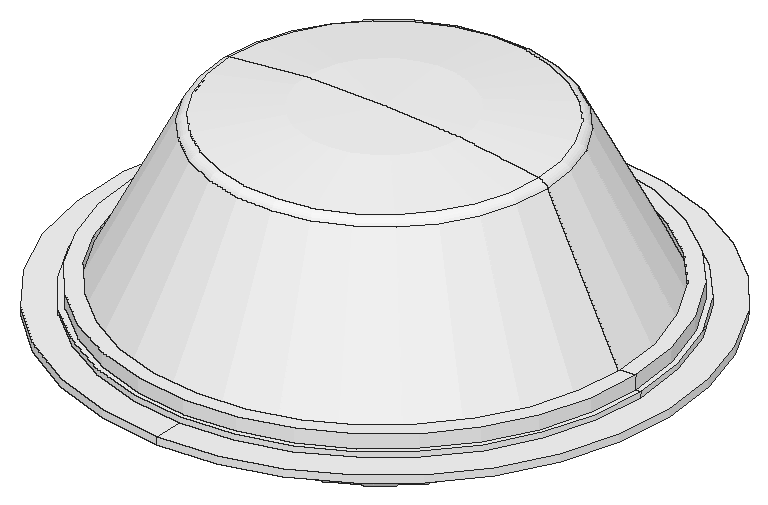
Revit family "R1200-JD", category Plumbing Fixtures, host Face, Revit 2026
Family settings
  Host = Face
  Round Connector Dimension = Use Radius
  Part Type = Normal
  Enable Cutting in Views = No
  Cut with Voids When Loaded = No
  Maintain Annotation Orientation = No
  Shared = No
  Room Calculation Point = No
Parameters (values of type "2" Drain Pipe Size")
  WFU = 0
  URL = "WWW.MIFAB.COM"
  Strainer Diameter = 0' - 6 15/16"
  Pipe Radius = Pipe Diameter / 2  # 0' - 1"
  Pipe Diameter = 0' - 2"
  Model = "R1200-JD"
  Manufacturer = "MIFAB"
  Floor Drain Material = Paint - Sherwin Williams Paint - #952C2A - Bellwood Red
  Domestic Cold Water Radius = 0' - 0 1/4"
  Domestic Cold Water Diameter = Domestic Cold Water Radius * 2  # 0' - 0 1/2"
  Description = "LARGE SUMP ROOF DRAIN WITH LOW PROFILE DOME AND JASAWAZ STYLE BODY"
  Default Elevation = 0' - 0"
  CWFU = 0
  Body Height = 0' - 4 1/4"
  Assembly Code = ""
Types (6): name | Pipe Radius | Pipe Diameter
  (no name) | 0' - 1" | 0' - 2"
  2" Drain Pipe Size | 0' - 1" | 0' - 2"
  3" Drain Pipe Size | 0' - 1 1/2" | 0' - 3"
  4" Drain Pipe Size | 0' - 2" | 0' - 4"
  5" Drain Pipe Size | 0' - 2 1/2" | 0' - 5"
  6" Drain Pipe Size | 0' - 3" | 0' - 6"
Reference planes (in)
  plane 1 "Center (Front/Back)": y = 0
  plane 2: z = 0
  plane 3 "Center (Left/Right)": x = 0
  plane 4: z = -7.25
  plane 5: z = -3
  plane 6: z = -2.375
  plane 7: y = -1
  plane 8: y = 1
  plane 9: x = -2.5
  plane 10: x = 2.5
  plane 11: z = -2.5
  plane 12: x = 7.5
  plane 13: x = -7.5
  plane 14: z = 4.5
  plane 15: z = 0
  plane 16: z = -3.375
  plane 17: y = 7.5
  plane 18: y = -7.5
  plane 19: x = 6.75
  plane 20: x = -6.75
  plane 21: x = -4.2
  plane 22: x = 4.2
Forms (in)
  Revolve 1, solid, material "Paint - Sherwin Williams Paint - #952C2A - Bellwood Red" <- "Floor Drain Material"
    sketch origin (0, 0.04396, -2.375) x (0, 1, 0) y (0, 0, 1)
      loop
        line (-4.57045, 2.375) -> (-7.54396, 2.375) -> (-7.54396, 2.1875) -> (-4.75951, 2.1875) -> (-4.75951, 0.66305)
        arc (-4.75951, 0.66305) -> (-4.71471, 0.55491) -> (-4.60658, 0.51012) r 0.15293
        line (-4.60658, 0.51012) -> (-1.04396, 0.51012) -> (-1.04396, -1) -> (-0.84474, -1) -> (-0.84474, 0.70934) -> (-4.57045, 0.70934) -> (-4.57045, 2.375)
      axis (-0.04396, 2.375) -> (-0.04396, -1)
    angle from 0 to 360
  Revolve 2, solid, material "Paint - Sherwin Williams Paint - #952C2A - Bellwood Red" <- "Floor Drain Material"
    sketch origin (0, 0, 0) x (1, 0, 0) y (0, 0, 1)
      loop
        line (6.4534, 0.13441) -> (6.4534, 0.26611) -> (6.24075, 0.26611) -> (4.29068, 4.06023)
        arc (4.29068, 4.06023) -> (4.19809, 4.16912) -> (4.06679, 4.22561) r 0.3136
        arc (4.06679, 4.22561) -> (2.04088, 4.47375) -> (0, 4.5) r 18.73239
        line (0, 4.5) -> (0, 4.37304)
        arc (0, 4.37304) -> (2.07377, 4.34444) -> (4.13157, 4.08598) r 18.66798
        line (4.13157, 4.08598) -> (6.14077, 0.13441) -> (6.4534, 0.13441)
      axis (0, 0.13441) -> (0, 4.5)
    angle from 0 to 360
  Revolve 3, solid, material "Paint - Sherwin Williams Paint - #952C2A - Bellwood Red" <- "Floor Drain Material"
    sketch origin (0, 0, 0) x (1, 0, 0) y (0, 0, 1)
      loop
        line (6.61232, 0.47602) -> (6.22626, 0.47602) -> (6.22626, 0.31587) -> (6.4534, 0.31587) -> (6.4534, 0.13441) -> (6.1183, 0.13441) -> (6.1183, 0) -> (6.75, 0) -> (6.75, 0.13441) -> (6.61232, 0.13441) -> (6.61232, 0.47602)
      axis (0, 0) -> (0, 0.47602)
    angle from 0 to 360
Lines and regions (in)
  model lines, not visible
    curve 1: line (6.7156, 0, 9.07611) -> (12.5156, 0, 9.07611)
    curve 2: line (12.5156, 0, 9.07611) -> (12.5156, 0, 10.82611)
    curve 3: line (12.5156, 0, 10.82611) -> (6.7156, 0, 10.82611)
    curve 4: line (6.7156, 0, 10.82611) -> (6.7156, 0, 9.07611)
    curve 5: line (7.13163, 0, 10.86539) -> (7.13163, 0, 12.86539)
    curve 6: line (7.13163, 0, 12.86539) -> (15.53163, 0, 12.86539)
    curve 7: line (15.53163, 0, 12.86539) -> (15.53163, 0, 10.86539)
    curve 8: line (11.33163, 0, 12.86539) -> (11.33163, 0, 12.36539)
Dimensions and locks (in)
  "Body Height": plane 5 to plane 4
  equal spacing: plane 8, plane 1 "Center (Front/Back)", plane 7
  "Pipe Diameter": plane 8 to plane 7
  "Pipe Radius": plane 1 "Center (Front/Back)" to plane 7
  locked: plane 13 to plane 12 at 15
  plane 14 to plane 11 = 0' - 7"
  locked: plane 14 to level at 4.5
  level to plane 15 = 0' - 0"
  locked: plane 15 to plane 16 at 3.375
  equal spacing: plane 13, plane 3 "Center (Left/Right)", plane 12
  locked: plane 18 to plane 17 at 15
  plane 18 to plane 1 "Center (Front/Back)" to plane 17 = 0' - 7 1/2", 0' - 7 1/2"
  plane 1 "Center (Front/Back)" to Revolve 1 sketch curve to Revolve 1 sketch curve = 0' - 4.52649" locked, 0' - 0.18905" locked
  locked: plane 19 to plane 20 at 13.5
  plane 21 to plane 3 "Center (Left/Right)" to plane 22 = 0' - 4.2", 0' - 4.2"
  plane 21 to plane 22 = 0' - 8.4"
  plane 17 to plane 18 = 1' - 3"
  locked: plane 15 to Revolve 1 sketch curve at 0.1875
  aligned and locked: plane 2 to host face
  aligned and locked: level to host face
  aligned and locked: Revolve 1 sketch curve to plane 18
  aligned and locked: Revolve 1 sketch curve to plane 15
  aligned and locked: Revolve 1 sketch curve to plane 16
Automatic sketch dimensions
  host sketch curve to host sketch curve = 8' - 0"  (x2)
  Revolve 3 sketch curve to plane 3 "Center (Left/Right)" = 0' - 0"
  level to Revolve 3 sketch curve = 0' - 0.13441"  (x2)
  Revolve 3 sketch curve to Revolve 3 sketch curve = 0' - 0.10796"
  Revolve 3 sketch curve to Revolve 3 sketch curve = 0' - 0.22714"
  Revolve 3 sketch curve to Revolve 3 sketch curve = 0' - 0.15892"
  Revolve 3 sketch curve to Revolve 3 sketch curve = 0' - 0.13768"
  Revolve 3 sketch curve to Revolve 3 sketch curve = 0' - 0.18146"
  Revolve 3 sketch curve to Revolve 3 sketch curve = 0' - 0 41/256"
  plane 14 to Revolve 3 sketch curve = 0' - 1.05313"
  Revolve 3 sketch curve to Revolve 3 sketch curve = 0' - 2"
  curve 5 to curve 7 = 0' - 8.4"
  curve 5 to curve 8 = 0' - 4.2"
  curve 5 to curve 5 = 0' - 2"
  curve 7 to curve 6 = 0' - 2"
  curve 8 to curve 8 = 0' - 0 1/2"
  Revolve 3 sketch curve to plane 19 = 0' - 0"
  Revolve 3 sketch curve to level = 0' - 0"
  Revolve 2 sketch curve to plane 3 "Center (Left/Right)" = 0' - 0"  (x2)
  Revolve 2 sketch curve to plane 14 = 0' - 0"
  plane 3 "Center (Left/Right)" to Revolve 2 sketch curve = 0' - 0.77986"
  Revolve 2 sketch curve to Revolve 2 sketch curve = 0' - 0"
  plane 22 to Revolve 2 sketch curve = 0' - 0.18824"
  plane 22 to Revolve 2 sketch curve = 0' - 0.06843"
  Revolve 2 sketch curve to plane 22 = 0' - 0.09068"
  level to Revolve 2 sketch curve = 0' - 0.13441"
  Revolve 2 sketch curve to plane 19 = 0' - 0.60923"
  Revolve 2 sketch curve to Revolve 2 sketch curve = 0' - 0.09998"
  Revolve 2 sketch curve to Revolve 2 sketch curve = 0' - 0.21265"
  Revolve 2 sketch curve to plane 16 = 0' - 10.84115"
  Revolve 2 sketch curve to Revolve 2 sketch curve = 0' - 0 1/16"
  Revolve 2 sketch curve to Revolve 2 sketch curve = 0' - 0.1317"
  Revolve 2 sketch curve to plane 14 = 0' - 0.58313"
  Revolve 2 sketch curve to Revolve 2 sketch curve = 0' - 0.16538"
  Revolve 2 sketch curve to Revolve 2 sketch curve = 0' - 0.13963"
  Revolve 2 sketch curve to Revolve 2 sketch curve = 0' - 1.05313"
  Revolve 2 sketch curve to Revolve 2 sketch curve = 0' - 2"
  Revolve 1 sketch curve to plane 7 = 0' - 0"
  Revolve 1 sketch curve to plane 1 "Center (Front/Back)" = 0' - 0"
  Revolve 1 sketch curve to plane 4 = 0' - 0"
  Revolve 1 sketch curve to Revolve 1 sketch curve = 0' - 0.03612"
  Revolve 1 sketch curve to plane 7 = 0' - 0 51/256"
  plane 6 to Revolve 1 sketch curve = 0' - 0.51012"
  Revolve 1 sketch curve to Revolve 1 sketch curve = 0' - 0 51/256"
  plane 16 to Revolve 1 sketch curve = 0' - 0 1/8"
Connectors (in)
  piping at (0, 0, -3.375), diameter 2, driven by "Pipe Radius", driven by "WFU"
    settings: on Revolve 1, index 2, connector inside diameter 2", connector length 0' - 0", flow factor 0, pipe flow 0 GPM, pressure drop 0.00 psi, fitting loss kfactor 0, connector angle 0.00°, fixture units 0, engagement length 0' - 0", angle of deflection 0.00°, flow configuration 3, flow direction 2, fitting loss method 0, system type 16, joint type 0, gender type 0, connector reference index -1, connector utility 0, adjustable connector no, is connector primary yes, connector description "Sanitary Out"
